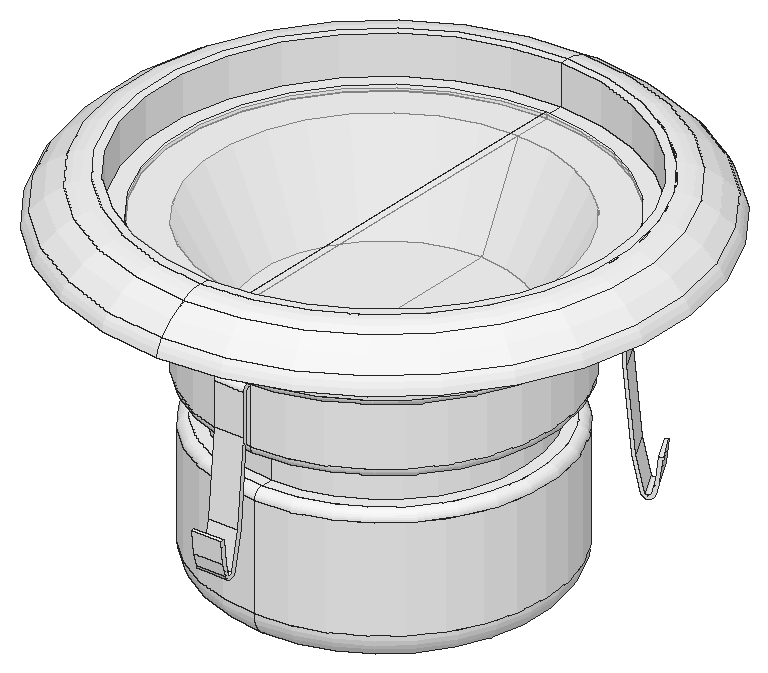
Revit family "LBRA-4RD", category Lighting Fixtures, host Face, Revit 2021
Family settings
  Host = Face
  Round Connector Dimension = Use Diameter
  Part Type = Normal
  OmniClass Number = 23.80.70.11
  OmniClass Title = Luminaries for Internal Lighting
  Cut with Voids When Loaded = No
  Light Source = Yes
  Shared = No
  Room Calculation Point = No
Parameters (values of type "LBRA-4RD")
  Width = 5.35"
  Wattage = 17 W
  built-in parameter 1150110 = 1 (stored number, unit not read)
  Voltage = 120 V
  Wattage Comments = "11.5W"
  URL = "https://www.currentlighting.com/prescolite"
  built-in parameter 1114217 = 1 (stored number, unit not read)
  Tilt Angle = -90.00°
  built-in parameter 1150109 = 1 (stored number, unit not read)
  built-in parameter 1150134 = (empty or 0)
  built-in parameter 1150113 = 1 (stored number, unit not read)
  Product Page URL = ""
  Product Documentation Link = ""
  Watts = 17 W
  Photometric Web File = "LBRA-4RD-T-07LCS9-WH_27K.IES"
  Model = "LBRA-4RD"  # constant formula
  Manufacturer = "Prescolite Lighting"  # constant formula
  built-in parameter 1150105 = 78.463 (stored number, unit not read)
  Lumens = 986 lm
  built-in parameter 1150115 = 1 (stored number, unit not read)
  built-in parameter 1150137 = (empty or 0)
  built-in parameter 1150139 = (empty or 0)
  built-in parameter 1150112 = 1 (stored number, unit not read)
  built-in parameter 1150114 = 1 (stored number, unit not read)
  Lamp = "LED Lamp"
  Inner Width = 3.95"
  built-in parameter 1150132 = (empty or 0)
  built-in parameter 1150102 = (empty or 0)
  built-in parameter 1150107 = 3000 (stored number, unit not read)
  built-in parameter 1150138 = (empty or 0)
  built-in parameter 1150106 = 0.78463 (stored number, unit not read)
  Glass = White Glass
  Features = "4 inch and 6 inch aperture retrofit downlight and wall wash trim\r\n700 or 1000 nominal delivered lumens \r\nSwitchable CCT – 2700K/3000K/3500K/4000K/5000K \r\n90 CRI standard \r\nUniversal Voltage (120-277V), ideal for commercial applications \r\nPhase Dimmable to 5% (120V Triac/ELV) \r\nRetrofit into existing incandescent recessed housings with accessory or use with compatible dedicated LED Quick Link housings\r\n"  # constant formula
  built-in parameter 1150104 = 5.3884 (stored number, unit not read)
  Dimming Lamp Color Temperature Shift = <None>
  Description = "The LiteBox® A-Series is a family of retrofit trims that can be used with dedicated LiteBox LED QuickLink housings or installed into existing incandescent recessed housings with a socket adapter accessory."  # constant formula
  Default Elevation = 48.00"
  Contact us = ""
  Color Filter = 16777215
  Certifications = "cETLus listed to UL1598\r\n• Can be used in direct contact with insulation\r\n(IC Rated)\r\n• Suitable for wet locations, covered ceiling\r\n• Suitable for use in clothes closets when\r\ninstalled in accordance to N.E.C. 410.16\r\n• ENERGY STAR® certified\r\n• Meets CA Title 24 High Efficacy (JA8-2019)\r\nrequirements"  # constant formula
  CRI = "90+ CRI"
  built-in parameter 1114218 = 1 (stored number, unit not read)
  Backbox = White
  built-in parameter 1150133 = 10 (stored number, unit not read)
  Apparent Load = 0 VA
Reference planes (in)
  plane 1 "Center (Front/Back)": y = -8.21443
  plane 2: z = 0
  plane 3 "Center (Left/Right)": x = 1.66944
  plane 4: x = -1.09056
  plane 5: x = 4.42944
  plane 6: x = 5.32944
  plane 7: x = -1.99056
  plane 8: y = -5.53943
  plane 9: y = -10.88943
  plane 10: z = 1.34
  plane 11: z = -2.94
  plane 12: y = -10.18943
  plane 13: y = -6.23943
Forms (in)
  Revolve 1, solid, material "White" <- "Backbox"
    sketch origin (1.66944, 0, 0) x (0, 1, 0) y (0, 0, 1)
      loop
        line (-10.28318, 0.36161) -> (-10.3611, 0.36161)
        arc (-10.3611, 0.36161) -> (-10.46743, 0.34837) -> (-10.56726, 0.30944) r 0.43339
        arc (-10.56726, 0.30944) -> (-10.70223, 0.21853) -> (-10.81715, 0.10332) r 0.84033
        arc (-10.81715, 0.10332) -> (-10.8583, 0.03844) -> (-10.88259, -0.03445) r 0.316
        line (-10.88259, -0.03445) -> (-10.11565, -0.03445) -> (-10.11565, -0.00345) -> (-10.28318, -0.00345) -> (-10.28318, 0.36161)
      axis (-8.21443, 0.36161) -> (-8.21443, -0.03445)
    angle from 0 to 360
  Revolve 2, solid, material "White Glass" <- "Glass"
    sketch origin (1.66944, 0, -0.03125) x (0, 1, 0) y (0, 0, 1)
      loop
        line (-8.21443, -0.00078) -> (-8.21443, 0.05625) -> (-10.11443, 0.05625) -> (-10.11443, -0.00078) -> (-8.21443, -0.00078)
      axis (-8.21443, 0.05625) -> (-8.21443, -0.00078)
    angle from 0 to 360
  Revolve 3, solid, material "White" <- "Backbox"
    sketch origin (1.66944, 0, 0) x (0, 1, 0) y (0, 0, 1)
      loop
        line (-8.21443, -0.86262) -> (-9.3583, -0.86262) -> (-9.78318, -0.02875) -> (-10.20824, -0.02875)
        arc (-10.20824, -0.02875) -> (-10.13395, -0.19723) -> (-10.03407, -0.35193) r 1.16657
        line (-10.03407, -0.35193) -> (-10.03407, -0.54141)
        arc (-10.03407, -0.54141) -> (-10.01815, -0.57986) -> (-9.9797, -0.59579) r 0.05438
        line (-9.9797, -0.59579) -> (-9.78318, -0.59579) -> (-9.78318, -1.26064)
        arc (-9.78318, -1.26064) -> (-9.75824, -1.32085) -> (-9.69803, -1.34579) r 0.08515
        line (-9.69803, -1.34579) -> (-9.53318, -1.34579) -> (-9.53318, -1.65272) -> (-9.64599, -1.65272)
        arc (-9.64599, -1.65272) -> (-9.70764, -1.67826) -> (-9.73318, -1.73991) r 0.08719
        line (-9.73318, -1.73991) -> (-9.73318, -2.69)
        arc (-9.73318, -2.69) -> (-9.65996, -2.86678) -> (-9.48318, -2.94) r 0.25
        line (-9.48318, -2.94) -> (-8.21443, -2.94) -> (-8.21443, -0.86262)
      axis (-8.21443, -0.02875) -> (-8.21443, -2.94)
    angle from 0 to 360
  Sweep 4, solid, material "White" <- "Backbox"
    path origin (1.66944, 0, 0) x (0, 1, 0) y (0, 0, 1)
      loop
        line (-9.78318, -0.59579) -> (-9.98033, -0.59579)
        arc (-9.98033, -0.59579) -> (-10.0177, -0.61127) -> (-10.03318, -0.64864) r 0.05285
        line (-10.03318, -0.64864) -> (-10.03318, -1.03064) -> (-10.09855, -1.77779) -> (-10.16661, -2.09802)
        arc (-10.16661, -2.09802) -> (-10.19089, -2.11664) -> (-10.21516, -2.09802) r 0.02513
        line (-10.21516, -2.09802) -> (-10.24607, -1.98264) -> (-10.2704, -1.78452)
    profile origin (1.66944, -9.88176, -0.59579) x (0, 0, -1) y (1, 0, 0)
      loop
        line (0, -0.13672) -> (0.031, -0.13672) -> (0.031, 0.13672) -> (0, 0.13672) -> (0, -0.13672)
  Sweep 5, solid, material "White" <- "Backbox"
    path origin (8.78335, -12.32164, 0) x (0.866025, -0.5, 0) y (0, 0, 1)
      loop
        line (-9.78318, -0.59579) -> (-9.98033, -0.59579)
        arc (-9.98033, -0.59579) -> (-10.0177, -0.61127) -> (-10.03318, -0.64864) r 0.05285
        line (-10.03318, -0.64864) -> (-10.03318, -1.03064) -> (-10.09855, -1.77779) -> (-10.16661, -2.09802)
        arc (-10.16661, -2.09802) -> (-10.19089, -2.11664) -> (-10.21516, -2.09802) r 0.02513
        line (-10.21516, -2.09802) -> (-10.24607, -1.98264) -> (-10.2704, -1.78452)
    profile origin (0.2255, -7.38077, -0.59579) x (0, 0, -1) y (-0.5, -0.866025, 0)
      loop
        line (0, -0.13672) -> (0.031, -0.13672) -> (0.031, 0.13672) -> (0, 0.13672) -> (0, -0.13672)
  Sweep 6, solid, material "White" <- "Backbox"
    path origin (-5.44446, -12.32164, 0) x (-0.866025, -0.5, 0) y (0, 0, 1)
      loop
        line (-9.78318, -0.59579) -> (-9.98033, -0.59579)
        arc (-9.98033, -0.59579) -> (-10.0177, -0.61127) -> (-10.03318, -0.64864) r 0.05285
        line (-10.03318, -0.64864) -> (-10.03318, -1.03064) -> (-10.09855, -1.77779) -> (-10.16661, -2.09802)
        arc (-10.16661, -2.09802) -> (-10.19089, -2.11664) -> (-10.21516, -2.09802) r 0.02513
        line (-10.21516, -2.09802) -> (-10.24607, -1.98264) -> (-10.2704, -1.78452)
    profile origin (3.11339, -7.38077, -0.59579) x (0, 0, -1) y (-0.5, 0.866025, 0)
      loop
        line (0, -0.13672) -> (0.031, -0.13672) -> (0.031, 0.13672) -> (0, 0.13672) -> (0, -0.13672)
Dimensions and locks (in)
  plane 6 to plane 7 = 7.32"
  "Width": plane 8 to plane 9
  equal spacing: plane 8, plane 1 "Center (Front/Back)", plane 9
  "Inner Width": plane 13 to plane 12
  equal spacing: plane 13, plane 1 "Center (Front/Back)", plane 12
  aligned and locked: plane 2 to host face
  aligned and locked: level to host face
  aligned and locked: imposter light to plane 1 "Center (Front/Back)"
  aligned and locked: plane 3 "Center (Left/Right)" to imposter light
Automatic sketch dimensions
  host sketch curve to host sketch curve = 96.00"
  host sketch curve to host sketch curve = 112.80516"
  Revolve 2 sketch curve to plane 1 "Center (Front/Back)" = 0.00"  (x2)
  Revolve 2 sketch curve to plane 9 = 0.775"
  Revolve 2 sketch curve to plane 10 = 1.37203"
  Revolve 2 sketch curve to Revolve 2 sketch curve = 0.05703"
  Revolve 2 sketch curve to plane 11 = 23.06125"
  plane 10 to Revolve 2 sketch curve = 53.5984"
  Revolve 1 sketch curve to plane 1 "Center (Front/Back)" = 0.00"
  Revolve 1 sketch curve to level = 0.00345"
  Revolve 1 sketch curve to Revolve 1 sketch curve = 0.05187"
  Revolve 1 sketch curve to Revolve 1 sketch curve = 0.16753"
  Revolve 1 sketch curve to Revolve 1 sketch curve = 0.07792"
  Revolve 1 sketch curve to level = 0.09713"
  Revolve 1 sketch curve to Revolve 1 sketch curve = 0.21176"
  Revolve 1 sketch curve to Revolve 1 sketch curve = 0.42628"
  Revolve 1 sketch curve to level = 0.07178"
  level to Revolve 1 sketch curve = 0.36161"
  Revolve 1 sketch curve to Revolve 1 sketch curve = 0.00"  (x2)
  Revolve 1 sketch curve to plane 11 = 23.03"
  Revolve 1 sketch curve to level = 0.03445"
  plane 10 to Revolve 1 sketch curve = 53.9676"
  Revolve 1 sketch curve to plane 9 = 0.00684"
  Revolve 3 sketch curve to plane 11 = 0.00"
  Revolve 3 sketch curve to plane 1 "Center (Front/Back)" = 0.00"  (x2)
  level to Revolve 3 sketch curve = 0.3562"
  plane 1 "Center (Front/Back)" to Revolve 3 sketch curve = 0.89259"
  Revolve 3 sketch curve to plane 12 = 0.65625"
  plane 11 to Revolve 3 sketch curve = 0.25"
  Revolve 3 sketch curve to plane 12 = 0.70625"
  Revolve 3 sketch curve to Revolve 3 sketch curve = 0.08719"
  Revolve 3 sketch curve to Revolve 3 sketch curve = 0.16485"
  Revolve 3 sketch curve to plane 12 = 0.40625"  (x2)
  Revolve 3 sketch curve to Revolve 3 sketch curve = 0.19652"
  Revolve 3 sketch curve to plane 12 = 0.15536"
  plane 12 to Revolve 3 sketch curve = 0.01881"
  Revolve 3 sketch curve to Revolve 3 sketch curve = 0.95009"
  Revolve 3 sketch curve to Revolve 3 sketch curve = 0.30693"
  Revolve 3 sketch curve to level = 0.59579"
  Revolve 3 sketch curve to Revolve 3 sketch curve = 0.18948"
  Revolve 3 sketch curve to Revolve 3 sketch curve = 0.42488"
  Revolve 3 sketch curve to plane 11 = 23.03"
  Revolve 3 sketch curve to Revolve 3 sketch curve = 0.26683"
  plane 10 to Revolve 3 sketch curve = 53.9676"
  plane 12 to Sweep 4 sketch curve = 0.05664"
  plane 12 to Sweep 4 sketch curve = 0.02573"
  plane 12 to Sweep 4 sketch curve = 0.00146"
  Sweep 4 sketch curve to plane 12 = 0.02282"
  Sweep 4 sketch curve to plane 12 = 0.09088"
  Sweep 4 sketch curve to plane 12 = 0.15625"
  Sweep 4 sketch curve to Sweep 4 sketch curve = 0.05285"
  plane 11 to Sweep 4 sketch curve = 0.84198"
  Sweep 4 sketch curve to Sweep 4 sketch curve = 0.0065"
  Sweep 4 sketch curve to Sweep 4 sketch curve = 0.11538"
  Sweep 4 sketch curve to Sweep 4 sketch curve = 0.20486"
  Sweep 4 sketch curve to Sweep 4 sketch curve = 0.74715"
  Sweep 4 sketch curve to Sweep 4 sketch curve = 0.382"
  plane 12 to Sweep 4 sketch curve = 0.08097"
  Sweep 4 sketch curve to Sweep 4 sketch curve = 0.19715"
  Sweep 4 sketch curve to Sweep 4 sketch curve = 0.00673"
  Sweep 4 sketch curve to profile plane = 0.00"
  Sweep 4 sketch curve to profile plane = 0.031"
  Sweep 4 sketch curve to plane 3 "Center (Left/Right)" = 0.13672"
  plane 3 "Center (Left/Right)" to Sweep 4 sketch curve = 0.13672"
  plane 11 to Sweep 5 sketch curve = 0.95736"
  plane 11 to Sweep 5 sketch curve = 0.84198"  (x2)
  Sweep 5 sketch curve to Sweep 5 sketch curve = 0.03092"
  Sweep 5 sketch curve to Sweep 5 sketch curve = 0.02427"
  plane 11 to Sweep 5 sketch curve = 1.16221"
  Sweep 5 sketch curve to Sweep 5 sketch curve = 0.14753"
  Sweep 5 sketch curve to Sweep 5 sketch curve = 0.06537"
  Sweep 5 sketch curve to Sweep 5 sketch curve = 0.05285"
  Sweep 5 sketch curve to Sweep 5 sketch curve = 0.0065"
  Sweep 5 sketch curve to Sweep 5 sketch curve = 0.74715"
  Sweep 5 sketch curve to Sweep 5 sketch curve = 0.382"
  plane 11 to Sweep 5 sketch curve = 1.15548"
  Sweep 5 sketch curve to Sweep 5 sketch curve = 0.17185"
  Sweep 5 sketch curve to Sweep 5 sketch curve = 0.19715"
  profile plane to Sweep 5 sketch curve = 0.00"
  Sweep 5 sketch curve to Sweep 5 sketch curve = 0.031"
  Sweep 5 sketch curve to profile plane = 0.13672"
  profile plane to Sweep 5 sketch curve = 0.13672"
  plane 11 to Sweep 6 sketch curve = 0.95736"
  plane 11 to Sweep 6 sketch curve = 0.84198"  (x2)
  Sweep 6 sketch curve to Sweep 6 sketch curve = 0.03092"
  Sweep 6 sketch curve to Sweep 6 sketch curve = 0.02427"
  plane 11 to Sweep 6 sketch curve = 1.16221"
  Sweep 6 sketch curve to Sweep 6 sketch curve = 0.14753"
  Sweep 6 sketch curve to Sweep 6 sketch curve = 0.06537"
  Sweep 6 sketch curve to Sweep 6 sketch curve = 0.05285"
  Sweep 6 sketch curve to Sweep 6 sketch curve = 0.0065"
  Sweep 6 sketch curve to Sweep 6 sketch curve = 0.74715"
  Sweep 6 sketch curve to Sweep 6 sketch curve = 0.382"
  plane 11 to Sweep 6 sketch curve = 1.15548"
  Sweep 6 sketch curve to Sweep 6 sketch curve = 0.17185"
  Sweep 6 sketch curve to Sweep 6 sketch curve = 0.19715"
  profile plane to Sweep 6 sketch curve = 0.00"
  Sweep 6 sketch curve to profile plane = 0.031"
  Sweep 6 sketch curve to profile plane = 0.13672"
  profile plane to Sweep 6 sketch curve = 0.13672"
Connectors (in)
  electrical at (1.66944, -8.21443, -0.00345), driven by "Apparent Load", driven by "Voltage"
    settings: on Revolve 1, index 1, voltage 120 V, apparent load 0 VA, apparent load phase1 0 VA, apparent load phase2 0 VA, apparent load phase3 0 VA, power factor 1, load classification "Other", number of poles 1, system type 30, power factor state 1, is connector primary yes, connector utility no, sub classification motor no, connector description "Lighting Connector"
